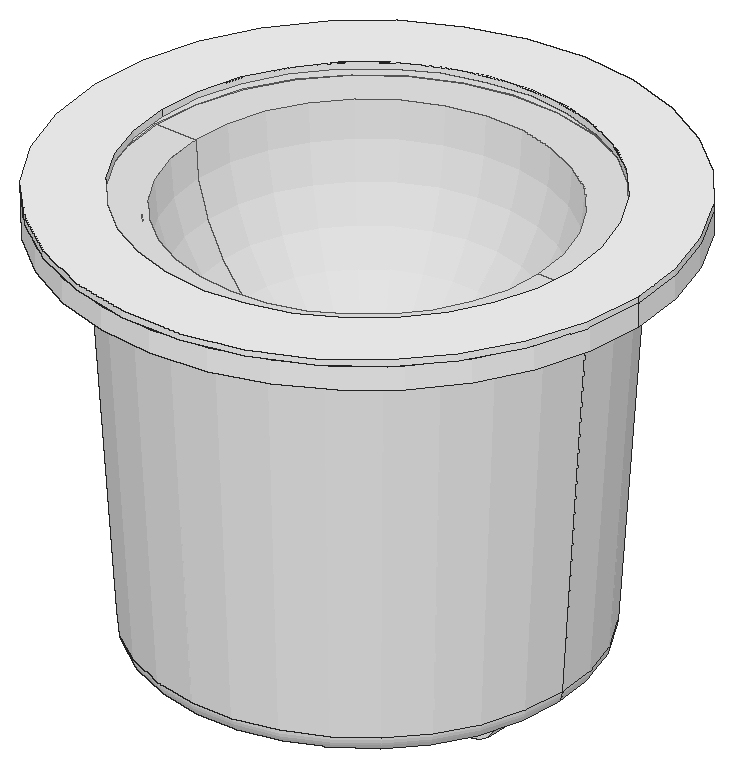
Revit family "2058860 Feilo Sylvania Lighting Fixture MYRD IP ST 3K PHDM WHT WBEZ", category Lighting Fixtures, host Face, Revit 2017
Family settings
  Host = Face
  Round Connector Dimension = Use Diameter
  Part Type = Normal
  OmniClass Number = 23.80.70.11.17
  OmniClass Title = Specialized Lighting by Location or Use
  Cut with Voids When Loaded = No
  Light Source = Yes
  Shared = No
  Room Calculation Point = No
Parameters
  Weight = "0.44 kg"
  Wattage = 10 W
  WarrantyStartDate [instance] = "n/a"
  WarrantyGuarantorParts = "n/a"
  WarrantyDurationUnit = "n/a"
  WarrantyDurationParts = "n/a"
  WarrantyDescription = "n/a"
  built-in parameter 1150110 = 1 (stored number, unit not read)
  Voltage = 230 V
  URL = "http://www.sylvania-lighting.com"
  TypeName = "MYRD IP ST 3K PHDM WHT WBEZ"
  Type Image = 0
  Type Comments = ""
  built-in parameter 1114217 = 1 (stored number, unit not read)
  Tilt Angle = -90°
  built-in parameter 1150109 = 1 (stored number, unit not read)
  built-in parameter 1150134 = (empty or 0)
  built-in parameter 1150113 = 1 (stored number, unit not read)
  SerialNumber [instance] = "n/a"
  Reflector Radius = Cutout Diameter / 2 - 2.5 mm  # 35.0 mm
  Reflector Material = Aluminum_Sylvania_Myriad_Bright
  Recessed Depth = Height  # 72.0 mm
  PowerFactor = 0
  PowerConsumption = "10 W"
  Photometric Web File = "2058860.ies"
  NominalWidth = 0.0 mm
  NominalLength = 76.0 mm
  NominalHeight = 72.0 mm
  Name = "MYRD IP ST 3K PHDM WHT WBEZ"
  ModelReference = "MYRD IP ST 3K PHDM WHT WBEZ"
  ModelNumber = "2058860"
  Material = "Aluminium"
  ManufacturerName = "Feilo Sylvania"
  LuminousEfficacy = "111 lm/W"
  LuminaireType = "Ceiling recessed"
  LightOutputRatio = "1"
  LampsType = Lamp  # "LED"
  LampNominalLuminous = "1106 lm"
  LampMacAdamStep = "n/a"
  LampColourTemperature = "3000 K"
  LampColourRenderingIndex = "n/a"
  Keynote = "16500"
  Keynote_2 = "16500"
  InstallationDate [instance] = "n/a"
  InputVoltage = "230-240V~"
  InputNominalFrequency = "50/60 Hz"
  IngressProtection = "IP65"
  ImpactProtectionIndex = "IK02"
  IfcExportType = "IfcLightFixtureType"
  IfcExportAs = "IfcLightFixtureType"
  Height = 72.0 mm  # constant formula
  ExpectedLife = 50000
  Emit from Circle Diameter = Accessory Inner Diameter 2  # 68.0 mm
  Emit Shape Visible in Rendering = no
  ElectricShockClassification = "Class II"
  DurationUnit = "hours"
  DocumentationLiterature = "http://www.sylvania-lighting.com/product/en-int/products/2058860"
  DimmingControlOptions = "Dimmable"
  Diffuser Material = Glass_Sylvania_Myriad_Clear_4000K
  Diffuser Diameter = Cutout Diameter  # 75.0 mm
  Cutout Diameter = 75.0 mm  # constant formula
  CreatedOn = "03-11-2017"
  CreatedBy = ""
  Cost = 0
  built-in parameter 1114216 [instance] = 1 (stored number, unit not read)
  Model = "MYRD IP ST 3K PHDM WHT WBEZ"
  Manufacturer = "Feilo Sylvania"  # constant formula
  built-in parameter 1150105 = 88.331 (stored number, unit not read)
  Lumens = 1110 lm
  built-in parameter 1150115 = 1 (stored number, unit not read)
  built-in parameter 1150137 = (empty or 0)
  built-in parameter 1150139 = (empty or 0)
  built-in parameter 1150112 = 1 (stored number, unit not read)
  built-in parameter 1150114 = 1 (stored number, unit not read)
  Lamp = "LED"
  built-in parameter 1150132 = (empty or 0)
  built-in parameter 1150102 = (empty or 0)
  built-in parameter 1150107 = 3000 (stored number, unit not read)
  built-in parameter 1150138 = (empty or 0)
  built-in parameter 1150106 = 0.88331 (stored number, unit not read)
  built-in parameter 1150104 = 10.312 (stored number, unit not read)
  Dimming Lamp Color Temperature Shift = (empty or 0)
  Description = "Supplied complete with electronic control gear Compact Fluorescent low energy downlight Emergency version passes through the cut out Ideal for low level orientation lighting New range of Architectural accessories each providing a different lit dimension New completely flush plaster up accessory ring for clean ceiling lines and smooth finish Order lamp separately"  # constant formula
  Default Elevation = 0.0 mm
  Color Filter = 16777215
  built-in parameter 1140040 [instance] = 1
  Body Radius = Reflector Radius + 1.5 mm  # 36.5 mm
  Body Material = Aluminum_Sylvania_Myriad_Gray
  BarCode [instance] = "n/a"
  built-in parameter 1114218 = 1 (stored number, unit not read)
  built-in parameter 1150133 = 10 (stored number, unit not read)
  AssetType = "Fixed"
  AssetIdentifier [instance] = "n/a"
  Assembly Code = "D5020200"
  Apparent Load = 10 VA
  Accessory Material = Aluminum_Sylvania_Myriad_White
  Accessory Inner Diameter 2 = Accessory Diameter - 22.0 mm  # 68.0 mm
  Accessory Inner Diameter 1 = Accessory Diameter - 2.0 mm  # 88.0 mm
  Accessory Diameter = Cutout Diameter + 15.0 mm  # 90.0 mm
Reference planes
  plane 1 "Center (Front/Back)": y = 0
  plane 2: z = 0
  plane 3 "Center (Left/Right)": x = 0
  plane 4: z = 2
  plane 5 "Fixture Bottom": z = 4.5
  plane 6: z = -28.5
  plane 7: z = -61.5
  plane 8 "Fixture Top": z = -67.5
  plane 9: z = 3.5
Forms (mm)
  Revolve 1, solid, material "Aluminum_Sylvania_Myriad_Bright" <- "Reflector Material", detail levels fine
    sketch origin (0, 0, 0) x (1, 0, 0) y (0, 0, 1)
      loop
        line (0, -27.515) -> (-6, -27.515)
        arc (-6, -27.515) -> (-22.333, -16.632) -> (-28.5, 2) r 30.135
        line (-28.5, 2) -> (-35, 2) -> (-35, 0) -> (-29.184, 0)
        arc (-29.184, 0) -> (-22.423, -18.18) -> (-6, -28.5) r 30.204
        line (-6, -28.5) -> (0, -28.5) -> (0, -27.515)
      axis (0, -28.5) -> (0, 2)
    angle from 0 to 360
  Revolve 2, solid, material "Aluminum_Sylvania_Myriad_Gray" <- "Body Material", detail levels fine
    sketch origin (0, 0, 0) x (1, 0, 0) y (0, 0, 1)
      loop
        line (-44, 2) -> (-44, 0) -> (-36.5, 0) -> (-32.42, -58.708)
        arc (-32.42, -58.708) -> (-31.474, -60.694) -> (-29.428, -61.5) r 3
        line (-29.428, -61.5) -> (0, -61.5) -> (0, -28.5) -> (-6, -28.5)
        arc (-6, -28.5) -> (-22.423, -18.18) -> (-29.184, 0) r 30.204
        line (-29.184, 0) -> (-35, 0) -> (-35, 2) -> (-44, 2)
      axis (0, 2) -> (0, -61.5)
    angle from 0 to 360
  Extrusion 3, solid, material "Aluminum_Sylvania_Myriad_Gray" <- "Body Material", detail levels fine
    sketch origin (0, 0, 0) x (1, 0, 0) y (0, 0, 1)
      loop
        line (-13.5, -67.5) -> (21, -67.5)
        arc (21, -67.5) -> (23.828, -66.328) -> (25, -63.5) r 4
        line (25, -63.5) -> (25, -61.5) -> (-17.5, -61.5) -> (-17.5, -63.5)
        arc (-17.5, -63.5) -> (-16.328, -66.328) -> (-13.5, -67.5) r 4
    from -4.5 to 4.5
  Extrusion 4, solid, material "Aluminum_Sylvania_Myriad_White" <- "Accessory Material", detail levels fine
    sketch origin (0, 0, 0) x (1, 0, 0) y (0, 1, 0)
      loop
        circle (0, 0) r 45
      loop
        circle (0, 0) r 44
    from 0 to 3.5
  Extrusion 5, solid, material "Aluminum_Sylvania_Myriad_White" <- "Accessory Material", detail levels fine
    sketch origin (0, 0, 0) x (1, 0, 0) y (0, 1, 0)
      loop
        circle (0, 0) r 45
      loop
        circle (0, 0) r 34
    from 3.5 to 4.5
  Extrusion 6, solid, material "Aluminum_Sylvania_Myriad_White" <- "Accessory Material", detail levels coarse+medium
    sketch origin (0, 0, 0) x (1, 0, 0) y (0, 1, 0)
      loop
        circle (0, 0) r 45
    from 0 to 4.5
  Revolve 7, solid, detail levels coarse+medium
    sketch origin (0, 0, 0) x (1, 0, 0) y (0, 0, 1)
      loop
        line (36.5, 0) -> (0, 0) -> (0, -61.5) -> (32.226, -61.5) -> (36.5, 0)
      axis (0, 0) -> (0, -61.5)
    angle from 0 to 360
  Extrusion 8, void
    sketch origin (0, 0, 0) x (1, 0, 0) y (0, 1, 0)
      loop
        circle (0, 0) r 37.5
    from -67.5 to 0
  Extrusion 9, solid, material "Glass_Sylvania_Myriad_Clear_4000K" <- "Diffuser Material", detail levels fine
    sketch origin (0, 0, 0) x (1, 0, 0) y (0, 1, 0)
      loop
        circle (0, 0) r 37.5
    from 2 to 3.5
Cuts and joins
  joined: Extrusion 4, Extrusion 5
Lines and regions (mm)
  Masking region 1
    outline origin (0, 0, 0) x (1, 0, 0) y (0, 1, 0)
      loop
        circle (0, 0) r 45
  symbolic lines
    curve 1: arc (-34, 0, 0) -> (0, 34, 0) -> (34, 0, 0) r 34
    curve 2: arc (34, 0, 0) -> (0, -34, 0) -> (-34, 0, 0) r 34
Dimensions and locks
  locked: plane 7 to plane 8 "Fixture Top" at 6
  "Body Radius": Revolve 7 sketch curve to plane 3 "Center (Left/Right)"
  locked: Revolve 7 sketch curve to Revolve 7 sketch curve at 4.274
  plane 5 "Fixture Bottom" to plane 9 to plane 4 to plane 2 to plane 6 = 1.0 mm locked, 1.5 mm locked, 2.0 mm locked, 28.5 mm locked
  "Reflector Radius": Revolve 1 sketch curve to plane 3 "Center (Left/Right)"
  Revolve 1 sketch curve to Revolve 1 sketch curve to Revolve 1 sketch curve to Revolve 1 sketch curve = 6.5 mm locked, 22.5 mm locked, 0.0 mm locked
  "Reflector Radius": plane 3 "Center (Left/Right)" to Revolve 2 sketch curve
  Revolve 2 sketch curve to Revolve 2 sketch curve to Revolve 2 sketch curve = 7.5 mm locked, 1.5 mm locked
  Revolve 2 sketch curve to Revolve 2 sketch curve to Revolve 2 sketch curve = 5.816 mm locked, 23.184 mm locked
  Revolve 2 sketch curve to Revolve 2 sketch curve to Revolve 2 sketch curve = 2.58 mm locked, 2.993 mm locked
  "Accessory Diameter": diameter of Extrusion 4 sketch curve
  "Accessory Inner Diameter 1": diameter of Extrusion 4 sketch curve
  "Accessory Diameter": diameter of Extrusion 5 sketch curve
  "Accessory Diameter": diameter of Extrusion 6 sketch curve
  "Cutout Diameter": diameter of Extrusion 8 sketch curve
  "Accessory Inner Diameter 2": diameter of Extrusion 5 sketch curve
  "Diffuser Diameter": diameter of Extrusion 9 sketch curve
  aligned and locked: plane 2 to host face
  aligned and locked: level to host face
  aligned and locked: plane 1 "Center (Front/Back)" to imposter light
  aligned and locked: plane 3 "Center (Left/Right)" to imposter light
  aligned and locked: Revolve 1 sketch curve to imposter light
  aligned and locked: Extrusion 3 sketch curve to plane 8 "Fixture Top"
  aligned and locked: plane 7 to Extrusion 3 sketch curve
  aligned and locked: Extrusion 4 to plane 2
  aligned and locked: plane 9 to Extrusion 4
  aligned and locked: Extrusion 5 to plane 9
  aligned and locked: plane 5 "Fixture Bottom" to Extrusion 5
  aligned and locked: Extrusion 6 to plane 2
  aligned and locked: plane 5 "Fixture Bottom" to Extrusion 6
  aligned and locked: Extrusion 8 to plane 8 "Fixture Top"
  aligned and locked: plane 2 to Extrusion 8
  aligned and locked: Masking region 1 sketch curve to Extrusion 6  (x2)
  aligned and locked: Extrusion 9 to plane 4
  aligned and locked: plane 9 to Extrusion 9
  aligned and locked: plane 4 to Revolve 2 sketch curve
  aligned and locked: Revolve 2 sketch curve to plane 2
  aligned and locked: curve 1 to cut or joined group of Extrusion 4, Extrusion 5
  aligned and locked: curve 2 to cut or joined group of Extrusion 4, Extrusion 5
  aligned and locked: imposter light to plane 5 "Fixture Bottom"
Automatic sketch dimensions
  host sketch curve to host sketch curve = 1305.563 mm
  host sketch curve to host sketch curve = 1283.632 mm
  Extrusion 3 sketch curve to plane 7 = 2.0 mm
  Extrusion 3 sketch curve to plane 3 "Center (Left/Right)" = 13.5 mm
  plane 3 "Center (Left/Right)" to Extrusion 3 sketch curve = 21.0 mm
  Extrusion 3 sketch curve to Extrusion 3 sketch curve = 4.0 mm
  Revolve 1 sketch curve to level = 0.0 mm
  Revolve 1 sketch curve to plane 3 "Center (Left/Right)" = 0.0 mm
  Revolve 1 sketch curve to plane 6 = 0.0 mm
  Revolve 1 sketch curve to plane 4 = 0.0 mm
  Revolve 1 sketch curve to Revolve 1 sketch curve = 0.684 mm
  level to Revolve 1 sketch curve = 0.88 mm
  Revolve 1 sketch curve to plane 4 = 0.363 mm
  Revolve 1 sketch curve to Revolve 1 sketch curve = 0.625 mm
  Revolve 1 sketch curve to plane 8 "Fixture Top" = 232.8 mm
  plane 5 "Fixture Bottom" to Revolve 1 sketch curve = 291.243 mm
  Revolve 2 sketch curve to plane 3 "Center (Left/Right)" = 0.0 mm  (x2)
  Revolve 2 sketch curve to plane 7 = 0.0 mm
  Revolve 2 sketch curve to plane 6 = 0.0 mm
  Revolve 2 sketch curve to level = 0.0 mm
  level to Revolve 2 sketch curve = 0.88 mm
  plane 7 to Revolve 2 sketch curve = 2.792 mm
  Revolve 2 sketch curve to plane 8 "Fixture Top" = 304.774 mm
  plane 5 "Fixture Bottom" to Revolve 2 sketch curve = 1137.105 mm
  Extrusion 4 sketch curve to Extrusion 4 sketch curve = 0.0 mm  (x2)
  plane 1 "Center (Front/Back)" to Extrusion 4 sketch curve = 0.0 mm
  Extrusion 4 sketch curve to plane 3 "Center (Left/Right)" = 0.0 mm
  Extrusion 5 sketch curve to Extrusion 5 sketch curve = 0.0 mm  (x2)
  plane 1 "Center (Front/Back)" to Extrusion 5 sketch curve = 0.0 mm
  Extrusion 5 sketch curve to plane 3 "Center (Left/Right)" = 0.0 mm
  plane 1 "Center (Front/Back)" to Extrusion 6 sketch curve = 0.0 mm
  Extrusion 6 sketch curve to plane 3 "Center (Left/Right)" = 0.0 mm
  Revolve 7 sketch curve to level = 0.0 mm
  Revolve 7 sketch curve to plane 3 "Center (Left/Right)" = 0.0 mm  (x2)
  Revolve 7 sketch curve to plane 7 = 0.0 mm
  Revolve 7 sketch curve to plane 8 "Fixture Top" = 304.774 mm
  plane 5 "Fixture Bottom" to Revolve 7 sketch curve = 43.226 mm
  plane 1 "Center (Front/Back)" to Extrusion 8 sketch curve = 0.0 mm
  Extrusion 8 sketch curve to plane 3 "Center (Left/Right)" = 0.0 mm
  plane 1 "Center (Front/Back)" to Extrusion 9 sketch curve = 0.0 mm
  Extrusion 9 sketch curve to plane 3 "Center (Left/Right)" = 0.0 mm
Connectors
  electrical at (-0.006, -0.019, -67.5), driven by "Apparent Load", driven by "Apparent Load"
    settings: on plane 8 "Fixture Top", index 1, voltage 230 V, apparent load 10 VA, apparent load phase1 10 VA, apparent load phase2 0 VA, apparent load phase3 0 VA, power factor 1, load classification "Lighting", number of poles 1, system type 30, power factor state 1, is connector primary yes, connector utility no, sub classification motor no, connector description ""
